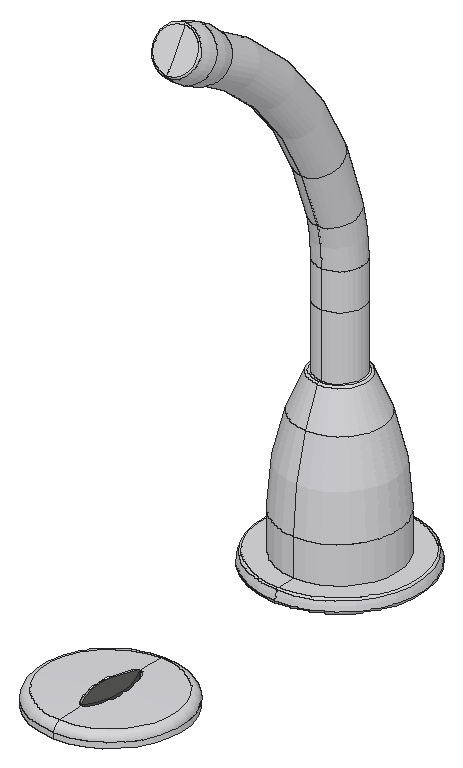
Revit family "Faucet_Touchless-Wall_Mount-Lavatory-KOHLER-K-18084T_1", category Plumbing Fixtures, host Face, Revit 2017
Family settings
  Host = Face
  Round Connector Dimension = Use Diameter
  Part Type = Normal
  OmniClass Number = 23.31.11.00
  OmniClass Title = Faucets
  Cut with Voids When Loaded = No
  Shared = No
  Room Calculation Point = No
Parameters (values of type "CP-Polished Chrome")
  Width = 2 123/256"  # constant formula
  WaterSense Certified = 1 = 0  # no
  Waste Water Outlet = "Waste Water Outlet"  # constant formula
  Waste Connection = 1 = 0  # no
  Voltage = 220 V  # constant formula
  Vent Connection = 1 = 0  # no
  URL = "http://www.kohler.com.cn/"
  Type = 1
  Spout Reach = 8 25/64"  # constant formula
  Product Page URL = ""
  Product Name = ""
  Product Documentation Link = ""
  Pressure = 0.00 psi
  Model = "K-18084T-CP"  # constant formula
  Material = "Brass Construction"  # constant formula
  Master Format 2014 Name = "Residential Faucets, Supplies, and Trim"  # constant formula
  Master Format 2014 = "22 41 39"  # constant formula
  Manufacturer Address = "Kohler Beijing Office (100016) 36-2-03-B, No. 88, Liuxiang Road, Beijing"  # constant formula
  Manufacturer = "KOHLER Co."  # constant formula
  Length = Spout Reach  # 8 25/64"
  Hot Water Inlet = "Hot Water Inlet"  # constant formula
  Height = 6 89/128"  # constant formula
  HW Connection = 1 = 0  # no
  Flow Rate = 0 GPM
  Finish = Kohler-Metal-CP-Polished_Chrome
  Environmental Product Declaration = ""
  Electrical Note = "One Deidicated Circuit Required"  # constant formula
  Electrical Connector = 1 = 1  # yes
  Drain Included = 1 = 0  # no
  Description = "TOUCHLESS W-M SENSOR FCT(FALLING) W/AC"  # constant formula
  Default Elevation = 36"
  Declare Label = ""
  Date Modified = "05/19/2021"  # constant formula
  Date Created = "05/19/2021"  # constant formula
  Copyright = "Copyright KOHLER Co."  # constant formula
  Contact Us = "http://www.kohler.com.cn/contact/contact-us/"
  Cold Water Inlet = "Cold Water Inlet"  # constant formula
  CW Connection = 1 = 1  # yes
  Assembly Code = "D2010"
  Apparent Load = 0 VA
  ADA Compliant = 1 = 0  # no
Reference planes (in)
  plane 1 "Center (Front/Back)": y = 0
  plane 2: z = 0
  plane 3 "Center (Left/Right)": x = 0
  plane 4: y = 1.24079
  plane 5: y = 0.87375
  plane 6: y = 0.3435
  plane 7: y = -3.12891
  plane 8: y = -5.45452
  plane 9: y = -4.92163
  plane 10: y = -3.81419
  plane 11: y = -2.34913
  plane 12: y = -1.23969
  plane 13: y = -0.87375
  plane 14: y = -0.3435
  plane 15: x = -1.24079
  plane 16: x = -0.87375
  plane 17: x = -0.3435
  plane 18: x = 0.3435
  plane 19: x = 0.87375
  plane 20: x = 1.23968
  plane 21: x = -1.08198
  plane 22: x = 1.08198
  plane 23: z = 8.68359
  plane 24: z = 8.39062
  plane 25: y = -3.12891
  plane 26: z = 2.65
  plane 27: z = 7.74076
  plane 28: z = 0
Dimensions and locks (in)
  "Width": plane 15 to plane 20
  "Spout Reach": plane 24 to level
  "Length": plane 24 to plane 28
  "Height": plane 4 to plane 8
  aligned and locked: plane 2 to host face
  aligned and locked: level to host face
Automatic sketch dimensions
  host sketch curve to host sketch curve = 96"  (x2)
Nested families (in)
  nested 1: "K-18084T" at (0, 0, 0), type "K-18084T"
Connectors (in)
  piping at (0, 0, 0), diameter 0.5, driven by "Flow Rate", driven by "CW Connection", driven by "Cold Water Inlet"
    settings: on nested 1, index 1, connector inside diameter 24", connector length 0", flow factor 0, pipe flow 0 GPM, pressure drop 0.00 psi, fitting loss kfactor 0, connector angle 0.00°, fixture units 0, engagement length 0", angle of deflection 0.00°, flow configuration 1, flow direction 1, fitting loss method 0, system type 20, joint type 0, gender type 0, connector reference index -1, connector utility 1, adjustable connector no, is connector primary yes, connector description "Cold Water Inlet"
  electrical at (0, 0, 0)
    settings: on nested 1, index 2, voltage 0 V, apparent load 0 VA, apparent load phase1 0 VA, apparent load phase2 0 VA, apparent load phase3 0 VA, power factor 1, load classification "Other", number of poles 1, system type 30, power factor state 1, is connector primary yes, connector utility no, sub classification motor no, connector description ""
Definition of nested family "K-18084T"
  Parameters (values of type "K-18084T")
    Material = none
  Reference planes (in)
    plane 1 "Center (Front/Back)": y = 0
    plane 2: z = 0
    plane 3 "Center (Left/Right)": x = 0
    plane 4: y = 1.24079
    plane 5: y = 0.87375
    plane 6: y = 0.3435
    plane 7: y = -3.29322
    plane 8: y = -5.45276
    plane 9: x = -1.24079
    plane 10: x = -0.87375
    plane 11: x = -0.3435
    plane 12: x = 0.3435
    plane 13: x = 0.87375
    plane 14: x = 1.24079
    plane 15: x = -1.08198
    plane 16: x = 1.08198
    plane 17: x = 0.18411
    plane 18: x = -0.1791
    plane 19: x = 0.16902
    plane 20: x = -0.16601
    plane 21: z = 8.68317
    plane 22: z = 2.65
    plane 23: z = 0.188
    plane 24: z = 0.22355
    plane 25: y = -4.92163
    plane 26: y = -3.81419
    plane 27: y = -2.34913
    plane 28: y = -1.23969
    plane 29: y = -0.87375
    plane 30: y = -0.3435
    plane 31: z = 8.38888
    plane 32: y = -3.1271
    plane 33: z = 7.7414
  Forms (in)
    Revolve 1, solid, material <- "Material", detail levels medium+fine
      sketch origin (0, 0, 0) x (0, 1, 0) y (0, 0, 1)
        loop
          arc (1.2082, 0) -> (1.23166, 0.0104) -> (1.23971, 0.03477) r 0.03167
          arc (1.23971, 0.03477) -> (1.22853, 0.10205) -> (1.20849, 0.16724) r 0.51089
          arc (1.20849, 0.16724) -> (1.19663, 0.18231) -> (1.17833, 0.188) r 0.03229
          line (1.17833, 0.188) -> (0.87375, 0.188) -> (0.87375, 0.74941)
          arc (0.87375, 0.74941) -> (0.81665, 1.43234) -> (0.64695, 2.0963) r 4.11272
          arc (0.64695, 2.0963) -> (0.54296, 2.36672) -> (0.42114, 2.62957) r 4.33176
          arc (0.42114, 2.62957) -> (0.40743, 2.64448) -> (0.38795, 2.65) r 0.03718
          line (0.38795, 2.65) -> (0.3435, 2.65) -> (0.3435, 3.85263) -> (0, 3.85263) -> (0, 0) -> (1.2082, 0)
        axis (0, 3.85263) -> (0, 0)
      angle from 0 to 360
    Revolve 2, solid, material <- "Material", detail levels medium+fine
      sketch origin (0, 0, 0) x (0, 1, 0) y (0, 0, 1)
        loop
          line (-3.1271, 8.38888) -> (-2.52088, 8.03888) -> (-2.34913, 8.33636)
          arc (-2.34913, 8.33636) -> (-2.50233, 8.47336) -> (-2.67626, 8.58286) r 1.22624
          arc (-2.67626, 8.58286) -> (-2.80402, 8.64008) -> (-2.93744, 8.68242) r 1.23085
          arc (-2.93744, 8.68242) -> (-2.95266, 8.68129) -> (-2.9641, 8.6712) r 0.02393
          line (-2.9641, 8.6712) -> (-3.1271, 8.38888)
        axis (-2.52088, 8.03888) -> (-3.1271, 8.38888)
      angle from 0 to 360
    Revolve 3, solid, material <- "Material", detail levels medium+fine
      sketch origin (0, 0, 0) x (0, 1, 0) y (0, 0, 1)
        loop
          line (-4.37008, 0) -> (-3.2874, 0) -> (-3.2874, 0.08239)
          arc (-3.2874, 0.08239) -> (-3.3207, 0.16515) -> (-3.40204, 0.20177) r 0.11948
          arc (-3.40204, 0.20177) -> (-3.88596, 0.21667) -> (-4.37008, 0.22213) r 24.84474
          line (-4.37008, 0.22213) -> (-4.37008, 0)
        axis (-4.37008, 0) -> (-4.37008, 0.22213)
      angle from 0 to 360
    Extrusion 4, void
      sketch origin (0, 0, 0) x (1, 0, 0) y (0, 1, 0)
        loop
          arc (0.08765, -3.87136) -> (0.00279, -3.81415) -> (-0.08207, -3.87136) r 0.09154
          arc (-0.08207, -3.87136) -> (-0.1791, -4.36665) -> (-0.0846, -4.86242) r 1.32996
          arc (-0.0846, -4.86242) -> (0.00279, -4.92167) -> (0.09018, -4.86242) r 0.09407
          arc (0.09018, -4.86242) -> (0.18468, -4.36665) -> (0.08765, -3.87136) r 1.32996
      from 0.10639 to 0.26972
    Extrusion 5, solid, detail levels medium+fine
      sketch origin (0, 0, 0) x (1, 0, 0) y (0, 1, 0)
        loop
          arc (0.01438, -3.84139) -> (0.00084, -3.834) -> (-0.01267, -3.84146) r 0.01603
          arc (-0.01267, -3.84146) -> (-0.16601, -4.36753) -> (-0.01564, -4.89447) r 0.98867
          arc (-0.01564, -4.89447) -> (0.00057, -4.90349) -> (0.01684, -4.89457) r 0.01919
          arc (0.01684, -4.89457) -> (0.16902, -4.36762) -> (0.01438, -3.84139) r 0.98046
      from 0.10639 to 0.22355
    Sweep 6, solid, material <- "Material", detail levels medium+fine
      path origin (0, 0, 0) x (0, 1, 0) y (0, 0, 1)
        loop
          arc (-2.87557, 7.83299) -> (-1.59473, 6.91836) -> (-0.71577, 5.61278) r 4.41813
          arc (-0.71577, 5.61278) -> (-0.55653, 5.21118) -> (-0.42658, 4.79917) r 6.00563
          arc (-0.42658, 4.79917) -> (-0.36436, 4.49564) -> (-0.3435, 4.18649) r 2.30063
          line (-0.3435, 4.18649) -> (-0.3435, 3.62142)
      profile origin (0, -0.3435, 3.62142) x (0, -1, 0) y (1, 0, 0)
        loop
          circle (-0.3435, 0) r 0.3435
    Revolve 7, solid, material <- "Material", detail levels coarse
      sketch origin (0, 0, 0) x (0, 1, 0) y (0, 0, 1)
        loop
          arc (1.22773, 0) -> (1.25119, 0.0104) -> (1.25925, 0.03477) r 0.03167
          arc (1.25925, 0.03477) -> (1.24372, 0.11914) -> (1.2143, 0.19972) r 0.51089
          line (1.2143, 0.19972) -> (0.905, 0.19972) -> (0.905, 1.85494)
          arc (0.905, 1.85494) -> (0.76418, 2.41906) -> (0.37475, 2.85081) r 1.20031
          line (0.37475, 2.85081) -> (0.37475, 3.85263) -> (0, 3.85263) -> (0, 0) -> (1.22773, 0)
        axis (0, 3.85263) -> (0, 0)
      angle from 0 to 360
    Sweep 8, solid, material <- "Material", detail levels coarse
      path origin (0, 0, 0) x (0, 1, 0) y (0, 0, 1)
        loop
          arc (-3.34383, 8.02212) -> (-1.77597, 7.09432) -> (-0.71577, 5.61278) r 4.41813
          arc (-0.71577, 5.61278) -> (-0.55653, 5.21118) -> (-0.42658, 4.79917) r 6.00563
          arc (-0.42658, 4.79917) -> (-0.36436, 4.49564) -> (-0.3435, 4.18649) r 2.30063
          line (-0.3435, 4.18649) -> (-0.3435, 3.62142)
      profile origin (0, -0.3435, 3.62142) x (0, -1, 0) y (1, 0, 0)
        loop
          circle (-0.3435, 0) r 0.37475
    Revolve 9, solid, material <- "Material", detail levels coarse
      sketch origin (0, 0, 0) x (0, 1, 0) y (0, 0, 1)
        loop
          line (-4.37008, 0) -> (-3.2874, 0) -> (-3.2874, 0.19686)
          arc (-3.2874, 0.19686) -> (-3.8286, 0.2154) -> (-4.37008, 0.22213) r 24.84474
          line (-4.37008, 0.22213) -> (-4.37008, 0)
        axis (-4.37008, 0) -> (-4.37008, 0.22213)
      angle from 0 to 360
    Extrusion 10, solid, material <- "Material", detail levels medium+fine
      sketch origin (0, 0, 0) x (1, 0, 0) y (0, 1, 0)
        loop
          circle (0, 0) r 0.25
      from 0 to 0.10639
  Cuts and joins
    Extrusion 4 cuts Revolve 3
    joined: Revolve 1, Revolve 3, Sweep 6
    joined: Revolve 7, Sweep 8, Revolve 9
  Lines and regions (in)
    Masking region 1
      outline origin (0, 0, 0) x (1, 0, 0) y (0, 1, 0)
        loop
          arc (0.3435, -1.19229) -> (0, 1.24079) -> (-0.3435, -1.19229) r 1.24079
          line (-0.3435, -1.19229) -> (-0.3435, -2.50779)
          arc (-0.3435, -2.50779) -> (-0.39535, -2.8137) -> (-0.35086, -3.12076) r 0.99923
          arc (-0.35086, -3.12076) -> (-0.31067, -3.19263) -> (-0.24467, -3.24187) r 0.19747
          arc (-0.24467, -3.24187) -> (-0.16309, -3.27225) -> (-0.07792, -3.29021) r 0.58602
          arc (-0.07792, -3.29021) -> (-1.08198, -4.40906) -> (0, -5.45276) r 1.08268
          arc (0, -5.45276) -> (1.08197, -4.40922) -> (0.07824, -3.29023) r 1.08268
          arc (0.07824, -3.29023) -> (0.1635, -3.27227) -> (0.24516, -3.24187) r 0.58602
          arc (0.24516, -3.24187) -> (0.31116, -3.19263) -> (0.35135, -3.12076) r 0.19747
          arc (0.35135, -3.12076) -> (0.39583, -2.81293) -> (0.3435, -2.50634) r 0.99923
          line (0.3435, -2.50634) -> (0.3435, -1.19229)
    Masking region 2
      outline origin (0, 0, 0) x (1, 0, 0) y (0, 0, 1)
        loop
          line (-0.87364, 0.188) -> (-1.17821, 0.188)
          arc (-1.17821, 0.188) -> (-1.19652, 0.18231) -> (-1.20837, 0.16724) r 0.03229
          arc (-1.20837, 0.16724) -> (-1.22842, 0.10205) -> (-1.2396, 0.03477) r 0.51089
          arc (-1.2396, 0.03477) -> (-1.23154, 0.0104) -> (-1.20808, 0) r 0.03167
          line (-1.20808, 0) -> (1.20808, 0)
          arc (1.20808, 0) -> (1.23154, 0.0104) -> (1.2396, 0.03477) r 0.03167
          arc (1.2396, 0.03477) -> (1.22842, 0.10205) -> (1.20837, 0.16724) r 0.51089
          arc (1.20837, 0.16724) -> (1.19652, 0.18231) -> (1.17821, 0.188) r 0.03229
          line (1.17821, 0.188) -> (0.87364, 0.188) -> (0.87364, 0.78003)
          arc (0.87364, 0.78003) -> (0.81408, 1.44743) -> (0.64695, 2.0963) r 4.11272
          arc (0.64695, 2.0963) -> (0.54296, 2.36672) -> (0.42114, 2.62957) r 4.33176
          arc (0.42114, 2.62957) -> (0.40743, 2.64448) -> (0.38795, 2.65) r 0.03718
          line (0.38795, 2.65) -> (0.3435, 2.65) -> (0.3435, 7.97245)
          arc (0.3435, 7.97245) -> (0.39466, 8.21416) -> (0.34346, 8.45586) r 0.59636
          arc (0.34346, 8.45586) -> (0.2704, 8.57192) -> (0.15811, 8.65067) r 0.34745
          arc (0.15811, 8.65067) -> (0.08077, 8.67548) -> (0, 8.68401) r 0.39667
          arc (0, 8.68401) -> (-0.08077, 8.67548) -> (-0.15811, 8.65067) r 0.39667
          arc (-0.15811, 8.65067) -> (-0.2704, 8.57192) -> (-0.34346, 8.45586) r 0.34745
          arc (-0.34346, 8.45586) -> (-0.39466, 8.21416) -> (-0.3435, 7.97245) r 0.59636
          line (-0.3435, 7.97245) -> (-0.3435, 2.65) -> (-0.38795, 2.65)
          arc (-0.38795, 2.65) -> (-0.40743, 2.64448) -> (-0.42114, 2.62957) r 0.03718
          arc (-0.42114, 2.62957) -> (-0.54296, 2.36672) -> (-0.64695, 2.0963) r 4.33176
          arc (-0.64695, 2.0963) -> (-0.81408, 1.44743) -> (-0.87364, 0.78003) r 4.11272
          line (-0.87364, 0.78003) -> (-0.87364, 0.188)
    Masking region 3
      outline origin (0, 0, 0) x (0, 1, 0) y (0, 0, 1)
        loop
          line (0.87375, 0.188) -> (0.87375, 0.74941)
          arc (0.87375, 0.74941) -> (0.81665, 1.43234) -> (0.64695, 2.0963) r 4.11272
          arc (0.64695, 2.0963) -> (0.54296, 2.36672) -> (0.42114, 2.62957) r 4.33176
          arc (0.42114, 2.62957) -> (0.40743, 2.64448) -> (0.38795, 2.65) r 0.03718
          line (0.38795, 2.65) -> (0.3435, 2.65) -> (0.3435, 4.22013)
          arc (0.3435, 4.22013) -> (0.25646, 4.96775) -> (0, 5.67538) r 3.25434
          arc (0, 5.67538) -> (-0.93297, 7.21915) -> (-2.34913, 8.33636) r 5.04811
          arc (-2.34913, 8.33636) -> (-2.50233, 8.47336) -> (-2.67626, 8.58286) r 1.22624
          arc (-2.67626, 8.58286) -> (-2.80402, 8.64008) -> (-2.93744, 8.68242) r 1.23085
          arc (-2.93744, 8.68242) -> (-2.95266, 8.68129) -> (-2.9641, 8.6712) r 0.02393
          line (-2.9641, 8.6712) -> (-3.1271, 8.38888) -> (-3.2901, 8.10655)
          arc (-3.2901, 8.10655) -> (-3.29312, 8.0916) -> (-3.28649, 8.07786) r 0.02393
          arc (-3.28649, 8.07786) -> (-3.18311, 7.98347) -> (-3.06968, 7.90144) r 1.23085
          arc (-3.06968, 7.90144) -> (-2.88788, 7.80557) -> (-2.69263, 7.7414) r 1.22624
          arc (-2.69263, 7.7414) -> (-1.68771, 7.02835) -> (-0.93948, 6.04935) r 4.10767
          arc (-0.93948, 6.04935) -> (-0.63688, 5.41158) -> (-0.41146, 4.74261) r 5.98575
          arc (-0.41146, 4.74261) -> (-0.36057, 4.49092) -> (-0.3435, 4.2347) r 1.93205
          line (-0.3435, 4.2347) -> (-0.3435, 2.65) -> (-0.38795, 2.65)
          arc (-0.38795, 2.65) -> (-0.40743, 2.64448) -> (-0.42114, 2.62957) r 0.03718
          arc (-0.42114, 2.62957) -> (-0.54296, 2.36672) -> (-0.64695, 2.0963) r 4.33176
          arc (-0.64695, 2.0963) -> (-0.81665, 1.43234) -> (-0.87375, 0.74941) r 4.11272
          line (-0.87375, 0.74941) -> (-0.87375, 0.188) -> (-1.17833, 0.188)
          arc (-1.17833, 0.188) -> (-1.19663, 0.18231) -> (-1.20849, 0.16724) r 0.03229
          arc (-1.20849, 0.16724) -> (-1.22853, 0.10205) -> (-1.23971, 0.03477) r 0.51089
          arc (-1.23971, 0.03477) -> (-1.23166, 0.0104) -> (-1.2082, 0) r 0.03167
          line (-1.2082, 0) -> (1.2082, 0)
          arc (1.2082, 0) -> (1.23166, 0.0104) -> (1.23971, 0.03477) r 0.03167
          arc (1.23971, 0.03477) -> (1.22853, 0.10205) -> (1.20849, 0.16724) r 0.51089
          arc (1.20849, 0.16724) -> (1.19663, 0.18231) -> (1.17833, 0.188) r 0.03229
          line (1.17833, 0.188) -> (0.87375, 0.188)
    Masking region 4
      outline origin (0, 0, 0) x (0, 1, 0) y (0, 0, 1)
        loop
          line (-4.37008, 0) -> (-3.2874, 0) -> (-3.2874, 0.08239)
          arc (-3.2874, 0.08239) -> (-3.3207, 0.16515) -> (-3.40204, 0.20177) r 0.11948
          arc (-3.40204, 0.20177) -> (-3.59863, 0.20896) -> (-3.79526, 0.21459) r 24.84474
          line (-3.79526, 0.21459) -> (-3.834, 0.22355) -> (-4.90616, 0.22355) -> (-4.9449, 0.21459)
          arc (-4.9449, 0.21459) -> (-5.14153, 0.20896) -> (-5.33811, 0.20177) r 24.84474
          arc (-5.33811, 0.20177) -> (-5.41945, 0.16515) -> (-5.45276, 0.08239) r 0.11948
          line (-5.45276, 0.08239) -> (-5.45276, 0) -> (-4.37008, 0)
    symbolic lines, detail levels medium+fine
      curve 1: arc (0, 0.87375, 0) -> (-0.85598, 0.17532, 0) -> (-0.3435, -0.8034, 0) r 0.87375
      curve 2: arc (0.3435, -0.8034, 0) -> (0.85598, 0.17532, 0) -> (0, 0.87375, 0) r 0.87375
      curve 3: line (-0.3435, -1.19229, 0) -> (-0.3435, 0, 0)
      curve 4: line (0.3435, -1.19229, 0) -> (0.3435, 0, 0)
      curve 5: arc (0.3435, 0, 0) -> (0, 0.3435, 0) -> (-0.3435, 0, 0) r 0.3435
      curve 6: spline (-0.3435, -2.50794, 0) -> (-0.33179, -2.47463, 0) -> (-0.30724, -2.44311, 0) -> (-0.27082, -2.41461, 0) -> (-0.22394, -2.39023, 0) -> (-0.1684, -2.37092, 0) -> (-0.10638, -2.35742, 0) -> (-0.04027, -2.35026, 0) -> (0.02737, -2.34972, 0) -> (0.09391, -2.35582, 0) -> (0.15677, -2.36832, 0) -> (0.21351, -2.38673, 0) -> (0.26193, -2.41035, 0)
      curve 7: arc (0.26193, -2.41035, 0) -> (0.31071, -2.45155, 0) -> (0.3435, -2.50634, 0) r 0.19438
      curve 8: arc (-0.07792, -3.29021, 0) -> (0, -3.29322, 0) -> (0.07792, -3.29021, 0) r 1.00993
      curve 9: arc (0.09018, -4.86242, 0) -> (0.18468, -4.36665, 0) -> (0.08765, -3.87136, 0) r 1.32996
      curve 10: arc (0.08765, -3.87136, 0) -> (0.00279, -3.81415, 0) -> (-0.08207, -3.87136, 0) r 0.09154
      curve 11: arc (-0.08207, -3.87136, 0) -> (-0.1791, -4.36665, 0) -> (-0.0846, -4.86242, 0) r 1.32996
      curve 12: arc (-0.0846, -4.86242, 0) -> (0.00279, -4.92167, 0) -> (0.09018, -4.86242, 0) r 0.09407
      curve 13: arc (-0.01564, -4.89447, 0) -> (0.00057, -4.90349, 0) -> (0.01684, -4.89457, 0) r 0.01919
      curve 14: arc (0.01684, -4.89457, 0) -> (0.16902, -4.36762, 0) -> (0.01438, -3.84139, 0) r 0.98046
      curve 15: arc (-0.01267, -3.84146, 0) -> (-0.16601, -4.36753, 0) -> (-0.01564, -4.89447, 0) r 0.98867
      curve 16: arc (0.01438, -3.84139, 0) -> (0.00084, -3.834, 0) -> (-0.01267, -3.84146, 0) r 0.01603
      curve 17: line (-0.3435, 0, 2.65) -> (0.3435, 0, 2.65)
      curve 18: line (0.87364, 0, 0.188) -> (-0.87364, 0, 0.188)
      curve 19: line (0, 0.3435, 2.65) -> (0, -0.3435, 2.65)
      curve 20: line (0, 0.87375, 0.188) -> (0, -0.87375, 0.188)
      curve 21: line (0, -2.69263, 7.7414) -> (0, -2.34913, 8.33636)
      curve 22: line (0, -2.52937, 7.65451) -> (0, -2.18658, 8.24613)
      curve 23: arc (0, -3.79526, 0.21459) -> (0, -4.37008, 0.22213) -> (0, -4.9449, 0.21459) r 21.93722
      curve 24: spline (0.00781, 0, 8.33636) -> (0.05873, 0, 8.33307) -> (0.10852, 0, 8.32328) -> (0.15609, 0, 8.30721) -> (0.20038, 0, 8.28521) -> (0.24042, 0, 8.25777) -> (0.27532, 0, 8.22549) -> (0.30431, 0, 8.18909) -> (0.32674, 0, 8.14937) -> (0.34213, 0, 8.1072) -> (0.35013, 0, 8.06353) -> (0.35057, 0, 8.01931) -> (0.34343, 0, 7.97553)
      curve 25: spline (-0.10115, 0, 8.32099) -> (-0.09235, 0, 8.32343) -> (-0.08347, 0, 8.32566) -> (-0.07453, 0, 8.32768) -> (-0.06554, 0, 8.3295) -> (-0.05648, 0, 8.3311) -> (-0.04739, 0, 8.33249) -> (-0.03825, 0, 8.33367) -> (-0.02908, 0, 8.33464) -> (-0.01988, 0, 8.33539) -> (-0.01066, 0, 8.33593) -> (-0.00143, 0, 8.33625) -> (0.00781, 0, 8.33636)
      curve 26: arc (-0.34277, 0, 7.97082) -> (-0.28437, 0, 8.18897) -> (-0.10115, 0, 8.32099) r 0.33629
      curve 27: spline (0.29053, -3.11334, 0) -> (0.28063, -3.07777, 0) -> (0.25161, -3.04463, 0) -> (0.20544, -3.01617, 0) -> (0.14526, -2.99433, 0) -> (0.07519, -2.9806, 0) -> (0, -2.97592, 0) -> (-0.07519, -2.9806, 0) -> (-0.14526, -2.99433, 0) -> (-0.20544, -3.01617, 0) -> (-0.25161, -3.04463, 0) -> (-0.28063, -3.07777, 0) -> (-0.29053, -3.11334, 0) -> (-0.28063, -3.14891, 0) -> (-0.25161, -3.18205, 0) -> (-0.20544, -3.21051, 0) -> (-0.14526, -3.23235, 0) -> (-0.07519, -3.24608, 0) -> (0, -3.25076, 0) -> (0.07519, -3.24608, 0) -> (0.14526, -3.23235, 0) -> (0.20544, -3.21051, 0) -> (0.25161, -3.18205, 0) -> (0.28063, -3.14891, 0) -> (0.29053, -3.11334, 0)
      curve 28: spline (0.367, -3.0643, 0) -> (0.35548, -3.01578, 0) -> (0.31959, -2.97044, 0) -> (0.26178, -2.93139, 0) -> (0.18601, -2.90132, 0) -> (0.0975, -2.88228, 0) -> (0.00229, -2.87557, 0) -> (-0.09307, -2.88167, 0) -> (-0.18205, -2.90015, 0) -> (-0.25854, -2.92974, 0) -> (-0.31731, -2.96842, 0) -> (-0.35431, -3.01352, 0) -> (-0.36702, -3.06197, 0)
  Dimensions and locks (in)
    aligned and locked: plane 2 to level
